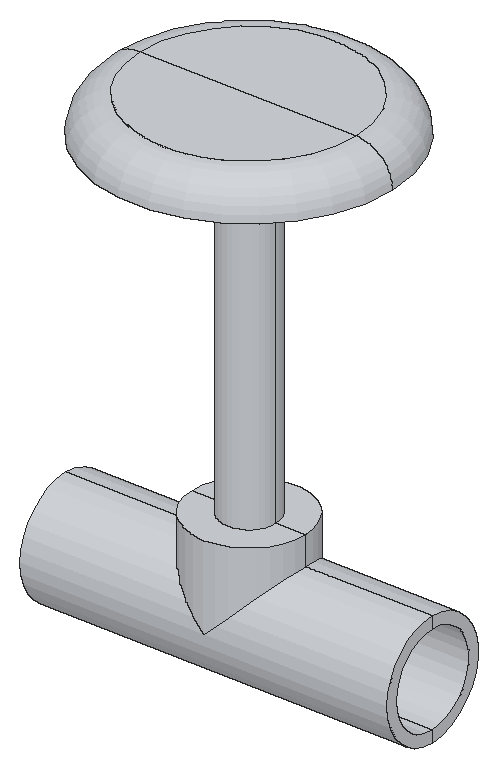
Revit family
Parameters (values of type "M_Szie 20")
  Radius = Diameter / 2  # 10 mm
  Pressure Loss [instance] = 0.0 Pa
  Dimension I = Dimension F * 3 / 4  # 18.75 mm
  Dimension H = Dimension C / 8  # 7.938 mm
  Dimension G = Dimension C * 3 / 16  # 11.906 mm
  Dimension E = 42.9 mm
  Dimension D = 19.1 mm
  Dimension C = 63.5 mm
  Dimension B = 101.6 mm
  Dimension A = 81 mm
  Dimension F = Diameter * 5 / 4  # 25 mm
  Diameter = 20 mm
  Assembly Code = ""
Types (7, lengths in mm): name | Radius | Dimension I | Dimension H | Dimension G | Dimension E | Dimension D | Dimension C | Dimension B | Dimension A | Dimension F | Diameter
  M_Size 10 | 5 | 9.375 | 6.35 | 9.525 | 31.8 | 9.5 | 50.8 | 81 | 50.8 | 12.5 | 10
  M_Size 12.5 | 6.25 | 11.719 | 7.15 | 10.725 | 36.5 | 12.7 | 57.2 | 95.3 | 61.9 | 15.625 | 12.5
  M_Szie 20 | 10 | 18.75 | 7.938 | 11.906 | 42.9 | 19.1 | 63.5 | 101.6 | 81 | 25 | 20
  M_Size 25 | 12.5 | 23.438 | 8.738 | 13.106 | 47.6 | 23 | 69.9 | 111.1 | 93.7 | 31.25 | 25
  M_Size 32 | 16 | 30 | 9.925 | 14.887 | 57.2 | 24.6 | 79.4 | 130.2 | 106.4 | 40 | 32
  M_Size 37.5 | 18.75 | 35.156 | 11.113 | 16.669 | 65.1 | 27.8 | 88.9 | 142.9 | 120.7 | 46.875 | 37.5
  M_Size 50 | 25 | 46.875 | 12.7 | 19.05 | 82.6 | 34.1 | 101.6 | 169.9 | 150.8 | 62.5 | 50
Reference planes
  plane 1 "Center (Front/Back)": y = 0
  plane 2: z = 0
  plane 3 "Center (Left/Right)": x = 0
  plane 4 "c2": x = 81
  plane 5: x = 40.5
  plane 6: z = 101.6
  plane 7: z = 12.5
  plane 8: z = -12.5
  plane 9: z = 93.662
  plane 10: z = 18.75
  plane 11: x = 34.547
  plane 12: x = 46.453
  plane 13: x = 28
  plane 14: x = 53
  plane 15: x = 8.75
  plane 16: x = 72.25
  plane 17: z = 10
  plane 18: z = -10
Forms (mm)
  Revolve 1, solid
    sketch origin (0, 0, 0) x (1, 0, 0) y (0, 0, 1)
      loop
        line (0, 12.5) -> (0, 0) -> (81, 0) -> (81, 12.5) -> (0, 12.5)
      axis (0, 0) -> (81, 0)
    angle from 0 to 360
  Revolve 2, solid
    sketch origin (0, 0, 0) x (1, 0, 0) y (0, 0, 1)
      loop
        line (8.75, 93.662) -> (34.547, 93.662) -> (34.547, 18.75) -> (28, 18.75) -> (28, 0) -> (40.5, 0) -> (40.5, 101.6) -> (16.688, 101.6)
        arc (16.688, 101.6) -> (11.075, 99.275) -> (8.75, 93.662) r 7.937
      axis (40.5, 0) -> (40.5, 101.6)
    angle from 0 to 360
  Revolve 3, void
    sketch origin (0, 0, 0) x (1, 0, 0) y (0, 0, 1)
      loop
        line (0, 10) -> (0, 0) -> (81, 0) -> (81, 10) -> (0, 10)
      axis (0, 0) -> (81, 0)
    angle from 0 to 360
Cuts and joins
  Revolve 3 cuts Revolve 1
  Revolve 3 cuts Revolve 2
  joined: Revolve 1, Revolve 2
Dimensions and locks
  "Dimension A": plane 4 "c2" to plane 3 "Center (Left/Right)"
  equal spacing: plane 4 "c2", plane 5, plane 3 "Center (Left/Right)"
  "Dimension B": plane 6 to plane 2
  equal spacing: plane 7, plane 2, plane 8
  "Dimension F": plane 7 to plane 8
  "Dimension I": plane 10 to plane 2
  "Dimension H": plane 6 to plane 9
  equal spacing: plane 12, plane 5, plane 11
  "Dimension G": plane 12 to plane 11
  equal spacing: plane 14, plane 5, plane 13
  "Dimension F": plane 14 to plane 13
  equal spacing: plane 16, plane 5, plane 15
  "Dimension C": plane 16 to plane 15
  equal spacing: plane 17, plane 2, plane 18
  "Diameter": plane 17 to plane 18
  aligned and locked: plane 3 "Center (Left/Right)" to Revolve 1 sketch curve
  aligned and locked: Revolve 1 sketch curve to plane 7
  aligned and locked: level to Revolve 1 sketch curve
  aligned and locked: Revolve 1 sketch curve to plane 4 "c2"
  aligned and locked: Revolve 1 sketch curve to plane 2
  aligned and locked: plane 5 to Revolve 2 sketch curve
  aligned and locked: plane 9 to Revolve 2 sketch curve  (x2)
  aligned and locked: Revolve 2 sketch curve to plane 6
  aligned and locked: Revolve 2 sketch curve to plane 5
  aligned and locked: plane 11 to Revolve 2 sketch curve
  aligned and locked: Revolve 2 sketch curve to plane 10
  aligned and locked: plane 2 to Revolve 2 sketch curve
  aligned and locked: plane 13 to Revolve 2 sketch curve
  aligned and locked: plane 1 "Center (Front/Back)" to nested 1
  aligned and locked: plane 3 "Center (Left/Right)" to nested 1
  aligned and locked: plane 5 to nested 2
  aligned and locked: plane 1 "Center (Front/Back)" to nested 2
  aligned and locked: plane 3 "Center (Left/Right)" to Revolve 3 sketch curve
  aligned and locked: Revolve 3 sketch curve to plane 17
  aligned and locked: cut or joined group of Revolve 1, Revolve 2, Revolve 3 to Revolve 3 sketch curve
  aligned and locked: Revolve 3 sketch curve to plane 2
Automatic sketch dimensions
  Revolve 1 sketch curve to plane 3 "Center (Left/Right)" = 0 mm
  Revolve 1 sketch curve to plane 4 "c2" = 0 mm
  Revolve 2 sketch curve to plane 15 = 0 mm
  Revolve 2 sketch curve to level = 0 mm
  Revolve 2 sketch curve to plane 6 = 0 mm
  Revolve 3 sketch curve to plane 3 "Center (Left/Right)" = 0 mm
  Revolve 3 sketch curve to plane 4 "c2" = 0 mm
  Revolve 3 sketch curve to level = 0 mm
Nested families
  nested 1: "globe valve - annotation" at (0, 0, 0), type "globe valve - annotation", detail levels coarse+medium
  nested 2: "globe valve - DC - top" at (40.5, 0, 0), Dimension C <- "Dimension C", type "globe valve - DC - top", detail levels fine
    with Dimension C 63.5 mm, C/2 31.75 mm
Connectors
  piping at (0, 0, 0), driven by "Pressure Loss", driven by "Radius"
    settings: on Revolve 1, index 1
  piping at (81, 0, 0), driven by "Pressure Loss", driven by "Radius"
    settings: on Revolve 1, index 2
Definition of nested family "globe valve - annotation"
  Reference planes
    plane 1: y = 0
    plane 2: x = 0
  Lines and regions (mm)
    Filled region 1, type "Solid Black"
      outline origin (0, 0, 0) x (1, 0, 0) y (0, 1, 0)
        loop
          circle (6.35, 0) r 1.16
    reference lines
      curve 1: line (-9.456, 3.175, 0) -> (45.742, 3.175, 0)
      curve 2: line (-9.456, -3.175, 0) -> (45.742, -3.175, 0)
      curve 3: line (6.35, 23.118, 0) -> (6.35, -23.796, 0)
      curve 4: line (12.7, 23.118, 0) -> (12.7, -23.796, 0)
    detail lines
      curve 5: line (0, -3.175, 0) -> (0, 3.175, 0)
      curve 6: line (0, 3.175, 0) -> (12.7, -3.175, 0)
      curve 7: line (12.7, -3.175, 0) -> (12.7, 3.175, 0)
      curve 8: line (12.7, 3.175, 0) -> (0, -3.175, 0)
  Dimensions and locks
    equal spacing: curve 2, plane 1, curve 1
    locked: curve 2 to curve 1 at 6.35
    equal spacing: plane 2, curve 3, curve 4
    locked: plane 2 to curve 4 at 12.7
    aligned and locked: plane 2 to curve 5
    aligned and locked: curve 7 to curve 4
    aligned and locked: plane 2 to curve 6
    aligned and locked: curve 1 to curve 6
    aligned and locked: curve 4 to curve 7
    aligned and locked: curve 2 to curve 7
    aligned and locked: curve 1 to curve 8
    aligned and locked: curve 4 to curve 8
    aligned and locked: plane 2 to curve 8
    aligned and locked: curve 2 to curve 8
    aligned and locked: curve 4 to curve 6
    aligned and locked: curve 2 to curve 6
    aligned and locked: curve 1 to curve 5
    aligned and locked: curve 2 to curve 5
    aligned and locked: curve 1 to curve 7
Definition of nested family "globe valve - DC - top"
  Parameters
    Dimension C [instance] = 76.2 mm
    C/2 [instance] = Dimension C / 2  # 38.1 mm
  Reference planes
    plane 1 "Center (Front/Back)": y = 0
    plane 2: z = 0
    plane 3 "Center (Left/Right)": x = 0
  Lines and regions (mm)
    detail lines, in view "Ref. Level"
      curve 1: circle (0, 0, 0) r 38.1 normal (0, 0, 1)
  Dimensions and locks
    "C/2": radius of curve 1
    aligned and locked: plane 1 "Center (Front/Back)" to curve 1
    aligned and locked: plane 3 "Center (Left/Right)" to curve 1
